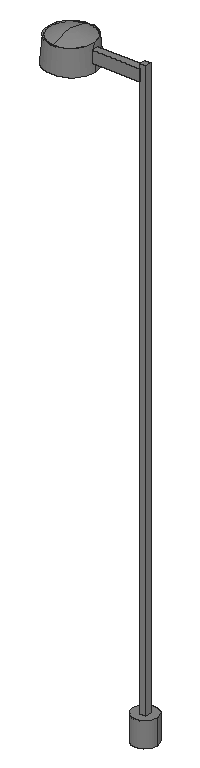
Revit family "M_Iluminação de rua - Padrão", category Luminárias, Revit 2019
Family settings
  Cota do conector redondo = Utilizar diâmetro
  Tipo de parte = Normal
  Número OmniClass = 23.80.70.14.21
  Título OmniClass = Street and Roadway Lighting
  ID de item do Seek = Street Light - Standard-0000-CAN-ENU
  Com base no plano de trabalho = Não
  Sempre na vertical = Sim
  Corte com vazios quando carregada = Não
  Fonte luminosa = Sim
  Compartilhado = Não
  Ponto de cálculo do ambiente = Não
Parameters (values of type "250W Halógeno - 120V")
  Wattage = 250 W
  built-in parameter 1150110 = 1 (stored number, unit not read)
  built-in parameter 1114217 = 1 (stored number, unit not read)
  built-in parameter 1150109 = 1 (stored number, unit not read)
  built-in parameter 1150134 = 3
  built-in parameter 1150113 = 1 (stored number, unit not read)
  Tilt Angle = -90.00°
  Material do suporte = Aço, acabamento de pintura, cinza escuro, fosco
  Material de sombra = Aço, acabamento de pintura, cinza escuro, fosco
  Arquivo de rede fotométrica = "SLS1T4.IES"
  built-in parameter 1150115 = 1 (stored number, unit not read)
  built-in parameter 1150105 = 397.89 (stored number, unit not read)
  Classificação de carga = Iluminação - Externa
  built-in parameter 1150137 = 1
  built-in parameter 1150139 = (empty or 0)
  built-in parameter 1150112 = 1 (stored number, unit not read)
  built-in parameter 1150114 = 1 (stored number, unit not read)
  built-in parameter 1150132 = (empty or 0)
  built-in parameter 1150102 = (empty or 0)
  built-in parameter 1150138 = (empty or 0)
  built-in parameter 1150107 = 3200 (stored number, unit not read)
  built-in parameter 1150106 = 3.9789 (stored number, unit not read)
  Altura = 7500 mm
  Lâmpada = "T-4"
  Lumens = 5000 lm
  Comentários de voltagem = "250"
  built-in parameter 1150104 = 1.8581 (stored number, unit not read)
  Troca de temperatura da cor de lâmpada com esmaecimento = <Nenhum>
  Material do difusor = Vidro, Jateado
  Filtro de cor = 16777215
  Voltagem = 120 V
  Número de pólos = 1
  built-in parameter 1114218 = 1 (stored number, unit not read)
  built-in parameter 1150133 = 10 (stored number, unit not read)
  Apparent Load = 250 VA
Types (10, lengths in mm): name | Wattage | built-in parameter 1150134 | Tilt Angle | Arquivo de rede fotométrica | built-in parameter 1150105 | built-in parameter 1150107 | built-in parameter 1150106 | Lâmpada | Lumens | Comentários de voltagem | built-in parameter 1150104 | Voltagem | Número de pólos | Apparent Load
  (no name) | 250 W | 3 | -90.00° | "SLS1T4.IES" | 397.89 (stored number, unit not read) | 3200 (stored number, unit not read) | 3.9789 (stored number, unit not read) | "T-4" | 5000 lm | "250" | 1.8581 (stored number, unit not read) | 120 V | 1 | 250 VA
  400W Halógeno - 120V | 400 W | 3 | -90.00° | "SLS1T3.ies" | 795.77 (stored number, unit not read) | 3200 (stored number, unit not read) | 7.9577 (stored number, unit not read) | "T-3" | 10000 lm | "400" | 2.3226 (stored number, unit not read) | 120 V | 1 | 400 VA
  250W Sódio - 120V | 250 W | 13 | 90.00° | "SLS1ET18.ies" | 2307.7 (stored number, unit not read) | 2100 (stored number, unit not read) | 23.077 (stored number, unit not read) | "E-18" | 29000 lm | "250" | 10.777 (stored number, unit not read) | 120 V | 1 | 250 VA
  250W Halógeno - 120V | 250 W | 3 | -90.00° | "SLS1T4.IES" | 397.89 (stored number, unit not read) | 3200 (stored number, unit not read) | 3.9789 (stored number, unit not read) | "T-4" | 5000 lm | "250" | 1.8581 (stored number, unit not read) | 120 V | 1 | 250 VA
  250W Halógeno - 277V | 250 W | 3 | -90.00° | "SLS1T4.IES" | 397.89 (stored number, unit not read) | 3200 (stored number, unit not read) | 3.9789 (stored number, unit not read) | "T-4" | 5000 lm | "250" | 1.8581 (stored number, unit not read) | 277 V | 1 | 250 VA
  250W Halógeno - 480V | 250 W | 3 | -90.00° | "SLS1T4.IES" | 397.89 (stored number, unit not read) | 3200 (stored number, unit not read) | 3.9789 (stored number, unit not read) | "T-4" | 5000 lm | "250" | 1.8581 (stored number, unit not read) | 480 V | 3 | 250 VA
  250W Sódio - 277V | 250 W | 13 | 90.00° | "SLS1ET18.ies" | 2307.7 (stored number, unit not read) | 2100 (stored number, unit not read) | 23.077 (stored number, unit not read) | "E-18" | 29000 lm | "250" | 10.777 (stored number, unit not read) | 277 V | 1 | 250 VA
  250W Sódio - 480V | 250 W | 12 | 90.00° | "SLS1ET18.ies" | 2307.7 (stored number, unit not read) | 4000 (stored number, unit not read) | 23.077 (stored number, unit not read) | "E-18" | 29000 lm | "250" | 10.777 (stored number, unit not read) | 480 V | 3 | 250 VA
  400W Halógeno - 277V | 400 W | 3 | -90.00° | "SLS1T3.ies" | 795.77 (stored number, unit not read) | 3200 (stored number, unit not read) | 7.9577 (stored number, unit not read) | "T-3" | 10000 lm | "400" | 2.3226 (stored number, unit not read) | 277 V | 1 | 400 VA
  400W Halógeno - 480V | 400 W | 3 | -90.00° | "SLS1T3.ies" | 795.77 (stored number, unit not read) | 3200 (stored number, unit not read) | 7.9577 (stored number, unit not read) | "T-3" | 10000 lm | "400" | 2.3226 (stored number, unit not read) | 480 V | 3 | 400 VA
Reference planes
  plane 1 "Eixo de origem da luz": y = 0
  plane 2: z = 0
  plane 3 "Centro": x = 0
  plane 4: z = 7500
  plane 5 "Elevação da origem da luz": z = 7195.2
  plane 6 "Base": z = 304.8
  plane 7 "Eixo de origem da luz": x = -914.4
  plane 8 "Superior": z = 7449.2
  plane 9: z = 7296.8
  plane 10: y = 0
  plane 11: y = 0
Forms (mm)
  Extrusion 1, solid, material "Aço, acabamento de pintura, cinza escuro, fosco" <- "Material do suporte"
    sketch origin (0, 0, 0) x (1, 0, 0) y (0, 1, 0)
      loop
        circle (0, 0) r 152.4
    from 0 to 304.8
  Extrusion 2, solid, material "Aço, acabamento de pintura, cinza escuro, fosco" <- "Material do suporte"
    sketch origin (0, 0, 0) x (1, 0, 0) y (0, 1, 0)
      loop
        line (-38.1, 38.1) -> (-38.1, -38.1) -> (38.1, -38.1) -> (38.1, 38.1) -> (-38.1, 38.1)
    from 304.8 to 7500
  Extrusion 3, solid, material "Aço, acabamento de pintura, cinza escuro, fosco" <- "Material do suporte"
    sketch origin (0, 0, 0) x (1, 0, 0) y (0, 1, 0)
      loop
        line (-38.1, 38.1) -> (-914.4, 38.1) -> (-914.4, -38.1) -> (-38.1, -38.1) -> (-38.1, 38.1)
    from 7296.8 to 7449.2
  Blend 4, solid, material "Aço, acabamento de pintura, cinza escuro, fosco" <- "Material de sombra"
    base sketch origin (0, 0, 0) x (1, 0, 0) y (0, 1, 0)
      loop
        circle (-914.4, 0) r 304.8
    top sketch origin (0, 0, 0) x (1, 0, 0) y (0, 1, 0)
      loop
        circle (-914.4, 0) r 279.4
    from 7195.2 to 7500
  Revolve 5, solid, material "Vidro, Jateado" <- "Material do difusor"
    sketch origin (-914.4, 0, 0) x (0, 0, -1) y (0, -1, 0)
      loop
        arc (-7195.2, -266.7) -> (-7144.968, -137.236) -> (-7123.738, 0) r 642.256
        line (-7123.738, 0) -> (-7136.438, 0) -> (-7195.2, -228.633) -> (-7195.2, -266.7)
      axis (-7195.2, 0) -> (-7123.738, 0)
    angle from 0 to 360
  Revolve 6, solid, material "Aço, acabamento de pintura, cinza escuro, fosco" <- "Material de sombra"
    sketch origin (-914.4, 0, 14935.2) x (0, 0, 1) y (0, 1, 0)
      loop
        line (-7435.2, 266.7) -> (-7435.2, 228.633) -> (-7376.438, 0) -> (-7363.738, 0)
        arc (-7363.738, 0) -> (-7384.968, 137.236) -> (-7435.2, 266.7) r 642.256
      axis (-7435.2, 0) -> (-7363.738, 0)
    angle from 0 to 360
Lines and regions (mm)
  Masking region 1
    outline origin (0, 0, 0) x (1, 0, 0) y (0, 1, 0)
      loop
        arc (-611.949, 38.1) -> (-933.487, 304.243) -> (-1219.241, 0) r 304.841
        arc (-1219.241, 0) -> (-933.487, -304.243) -> (-611.949, -38.1) r 304.841
        line (-611.949, -38.1) -> (38.1, -38.1) -> (38.1, 38.1) -> (-611.949, 38.1)
  Masking region 2
    outline origin (0, 0, 304.8) x (1, 0, 0) y (0, 1, 0)
      loop
        circle (0, 0) r 152.4
  symbolic lines, style "Exterior"
    curve 1: arc (152.4, 0, 304.8) -> (19.203, 151.185, 304.8) -> (-147.561, 38.1, 304.8) r 152.4
    curve 2: arc (-147.561, -38.1, 304.8) -> (19.203, -151.185, 304.8) -> (152.4, 0, 304.8) r 152.4
    curve 3: arc (12.7, 0, 0) -> (0, 12.7, 0) -> (-12.7, 0, 0) r 12.7
    curve 4: arc (-12.7, 0, 0) -> (0, -12.7, 0) -> (12.7, 0, 0) r 12.7
    curve 5: line (38.1, 38.1, 0) -> (-611.949, 38.1, 0)
    curve 6: line (38.1, -38.1, 0) -> (38.1, 38.1, 0)
    curve 7: line (-611.949, -38.1, 0) -> (38.1, -38.1, 0)
    curve 8: arc (-611.949, 38.1, 0) -> (-933.487, 304.243, 0) -> (-1219.241, 0, 0) r 304.841
    curve 9: arc (-1219.241, 0, 0) -> (-933.487, -304.243, 0) -> (-611.949, -38.1, 0) r 304.841
    curve 10: arc (-634.935, 0, 0) -> (-914.4, 279.465, 0) -> (-1193.865, 0, 0) r 279.465
    curve 11: arc (-1193.865, 0, 0) -> (-914.4, -279.465, 0) -> (-634.935, 0, 0) r 279.465
Dimensions and locks
  "Altura": plane 4 to plane 2
  plane 7 "Eixo de origem da luz" to plane 3 "Centro" = 914.4 mm
  locked: plane 4 to plane 8 "Superior" at 50.8
  locked: plane 8 "Superior" to plane 9 at 152.4
  locked: plane 9 to plane 5 "Elevação da origem da luz" at 101.6
  aligned and locked: Extrusion 2 to Extrusion 1
  aligned and locked: Extrusion 2 to plane 4
  aligned and locked: Extrusion 3 sketch curve to Extrusion 2  (x2)
  aligned and locked: plane 7 "Eixo de origem da luz" to Extrusion 3 sketch curve
  aligned and locked: plane 9 to Extrusion 3
  aligned and locked: plane 5 "Elevação da origem da luz" to Blend 4
  aligned and locked: Blend 4 to plane 4
  aligned and locked: Extrusion 3 to plane 8 "Superior"
  aligned and locked: Masking region 1 sketch curve to curve 8
  aligned and locked: Masking region 1 sketch curve to curve 5
  aligned and locked: Masking region 1 sketch curve to curve 7
  aligned and locked: Masking region 1 sketch curve to Extrusion 2
  aligned and locked: plane 7 "Eixo de origem da luz" to imposter light
  aligned and locked: imposter light to plane 1 "Eixo de origem da luz"
  aligned and locked: plane 5 "Elevação da origem da luz" to imposter light
Automatic sketch dimensions
  Extrusion 1 sketch curve to plane 1 "Eixo de origem da luz" = 0 mm
  Extrusion 1 sketch curve to plane 3 "Centro" = 0 mm
  Extrusion 1 sketch curve to plane 3 "Centro" = 152.4 mm
  plane 3 "Centro" to Extrusion 2 sketch curve = 38.1 mm
  plane 1 "Eixo de origem da luz" to Extrusion 2 sketch curve = 38.1 mm
  Extrusion 2 sketch curve to plane 1 "Eixo de origem da luz" = 38.1 mm
  Extrusion 2 sketch curve to plane 3 "Centro" = 38.1 mm
  plane 1 "Eixo de origem da luz" to Extrusion 3 sketch curve = 38.1 mm
  Blend 4 sketch curve to plane 1 "Eixo de origem da luz" = 0 mm  (x2)
  Blend 4 sketch curve to plane 7 "Eixo de origem da luz" = 0 mm  (x2)
  Blend 4 sketch curve to Blend 4 sketch curve = 304.8 mm
  Blend 4 sketch curve to Blend 4 sketch curve = 279.4 mm
  Revolve 5 sketch curve to plane 1 "Eixo de origem da luz" = 0 mm  (x2)
  Revolve 5 sketch curve to plane 5 "Elevação da origem da luz" = 0 mm  (x2)
  plane 9 to Revolve 5 sketch curve = 25.4 mm
  plane 1 "Eixo de origem da luz" to Revolve 5 sketch curve = 28.992 mm
  Revolve 5 sketch curve to plane 4 = 265.339 mm
  plane 5 "Elevação da origem da luz" to Revolve 5 sketch curve = 58.762 mm
  Revolve 5 sketch curve to Revolve 5 sketch curve = 12.7 mm
  Revolve 5 sketch curve to Revolve 5 sketch curve = 38.067 mm
  Revolve 6 sketch curve to plane 1 "Eixo de origem da luz" = 0 mm  (x2)
  plane 5 "Elevação da origem da luz" to Revolve 6 sketch curve = 265.339 mm
  plane 4 to Revolve 6 sketch curve = 76.2 mm
  Revolve 6 sketch curve to Revolve 6 sketch curve = 76.2 mm
  Revolve 6 sketch curve to plane 4 = 0 mm
  Revolve 6 sketch curve to Revolve 6 sketch curve = 58.762 mm
  Revolve 6 sketch curve to Revolve 6 sketch curve = 12.7 mm
  plane 1 "Eixo de origem da luz" to Revolve 6 sketch curve = 28.992 mm
  Revolve 6 sketch curve to Revolve 6 sketch curve = 38.067 mm
  curve 8 to curve 9 = 0 mm
  curve 8 to curve 10 = 0 mm  (x2)
  curve 9 to plane 1 "Eixo de origem da luz" = 0 mm
  curve 8 to plane 7 "Eixo de origem da luz" = 0 mm
  curve 3 to plane 1 "Eixo de origem da luz" = 0 mm
  plane 7 "Eixo de origem da luz" to curve 11 = 279.465 mm
  curve 8 to curve 10 = 25.376 mm
  plane 1 "Eixo de origem da luz" to curve 9 = 38.1 mm
  curve 3 to plane 3 "Centro" = 12.7 mm
  plane 3 "Centro" to curve 5 = 38.1 mm
  Masking region 1 sketch curve to Masking region 1 sketch curve = 0 mm
  Masking region 2 sketch curve to plane 1 "Eixo de origem da luz" = 0 mm
  Masking region 2 sketch curve to plane 3 "Centro" = 0 mm
  Masking region 2 sketch curve to plane 3 "Centro" = 152.4 mm
  curve 8 to plane 1 "Eixo de origem da luz" = 38.1 mm
  curve 1 to plane 1 "Eixo de origem da luz" = 0 mm
  curve 1 to plane 3 "Centro" = 0 mm
  curve 1 to plane 3 "Centro" = 147.561 mm
  curve 4 to plane 3 "Centro" = 0 mm
  curve 1 to curve 2 = 0 mm
  plane 1 "Eixo de origem da luz" to curve 2 = 38.1 mm
  curve 2 to curve 1 = 0 mm
Connectors
  electrical at (-914.4, 0, 7500), driven by "Apparent Load", driven by "Voltagem", driven by "Número de pólos", driven by "Classificação de carga"
    settings: on Blend 4, index 1, voltage 120 V, apparent load 0 VA, apparent load phase1 250 VA, apparent load phase2 0 VA, apparent load phase3 0 VA, power factor 0.95, load classification "Iluminação - Externa", number of poles 1, system type 31, power factor state 1, is connector primary yes, connector utility no, sub classification motor no, connector description ""
